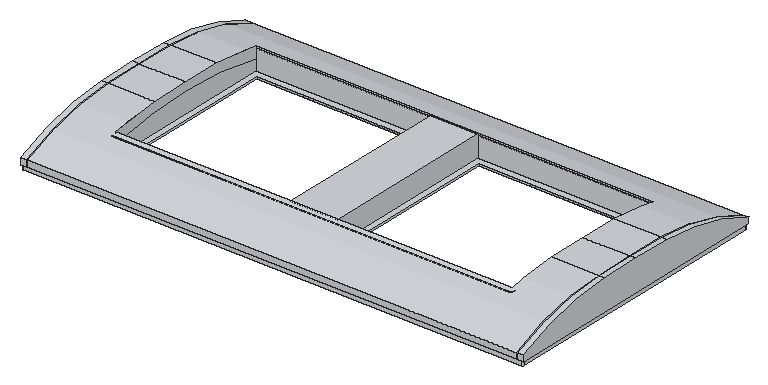
Revit family "Gira_0212738", category Electrical Fixtures, host Face, Revit 2017
Family settings
  Host = Face
  Maintain Annotation Orientation = No
  Round Connector Dimension = Use Diameter
  Part Type = Normal
  Cut with Voids When Loaded = No
  Shared = No
  Room Calculation Point = No
Parameters (values of type "Abdeckrahmen 2f Zwischenr. AN Gira Event Klar Schwarz")
  Werkstoffgüte = "Thermoplast"
  Werkstoff = "Kunststoff"
  URL = "http://katalog.gira.de/de_DE/datenblatt.html?artikelnr=0212738"
  Transparent = "No"
  Textfeld/Beschriftungsfläche = "No"
  Schutzart (IP) = "IP20"
  Region = "DE"
  Oberfläche = "sonstige"
  Name = "Abdeckrahmen 2f Zwischenr. AN Gira Event Klar Schwarz"
  Montagerichtung = "horizontal und vertikal"
  Mit Montagerahmen = "No"
  Mit Klappdeckel = "No"
  Manufacturer URL = "https://www.gira.de/"
  Keynote = "Event_Rahmen_2fach"
  HeinzeBIM = "https://bimportal.heinze.de/bim/abdeckrahmen-2f-zwischenr-an-gira-event-klar-schwarz/f1a78c52d405c4365b9ca6b942b24290dbd9e245"
  Halogenfrei = "Yes"
  HAN = "0212738"
  Geeignet für Unterputz-Installation = "Yes"
  Geeignet für Unterflurkanaldose = "No"
  Geeignet für Geräteeinbaukanal = "No"
  Geeignet für Einbauinstallation = "No"
  GTIN = "4010337068914"
  Farbe = "schwarz"
  Default Elevation = 1219.2 mm
  Data sheet (1) = "https://katalog.gira.de/de_DE/download.html?artikelnr=0212738"
  Category = "Abdeckrahmen"
  Befestigungsart = "Klemmbefestigung"
  Available = "Yes"
  Ausführung der Oberfläche = "glänzend"
  Anzahl der Einheiten vertikal = "2 "
  Anzahl der Einheiten horizontal = "2 "
  Anzahl der Einheiten = "2 "
Reference planes
  plane 1 "Center (Front/Back)": y = 0
  plane 2: z = 0
  plane 3 "Center (Left/Right)": x = 0
Forms (mm)
  Extrusion 1, solid, detail levels fine
    sketch origin (0, 0, 0.05) x (0, 1, 0) y (0, 0, 1)
      loop
        arc (12.445, 9.683) -> (6.223, 9.833) -> (0, 9.85) r 291.636
        arc (0, 9.85) -> (-6.223, 9.833) -> (-12.445, 9.683) r 291.636
        arc (-12.445, 9.683) -> (-29.14, 7.482) -> (-45, 1.823) r 79.728
        line (-45, 1.823) -> (-45, -0.05) -> (-42.086, -0.05)
        arc (-42.086, -0.05) -> (-21.385, 5.559) -> (0, 7.206) r 114.424
        arc (0, 7.206) -> (21.385, 5.559) -> (42.086, -0.05) r 114.424
        line (42.086, -0.05) -> (45, -0.05) -> (45, 1.823)
        arc (45, 1.823) -> (29.14, 7.482) -> (12.445, 9.683) r 79.728
    from -78.55 to 78.55
  Extrusion 2, void, detail levels fine
    sketch origin (0, 0, 0) x (1, 0, 0) y (0, 1, 0)
      loop
        line (-63.55, -27.937) -> (63.55, -27.937) -> (63.55, 28.063) -> (-63.55, 28.063) -> (-63.55, -27.937)
    from 0.724 to 11
  Extrusion 3, solid, detail levels coarse
    sketch origin (0, 0, 0) x (1, 0, 0) y (0, 1, 0)
      loop
        line (-80.55, 45) -> (-80.55, -45) -> (80.55, -45) -> (80.55, 45) -> (-80.55, 45)
    from -1.5 to 9.9
  Extrusion 4, solid, detail levels medium
    sketch origin (0, 0, 0.05) x (0, 1, 0) y (0, 0, 1)
      loop
        arc (12.445, 9.683) -> (6.223, 9.833) -> (0, 9.85) r 291.636
        arc (0, 9.85) -> (-6.223, 9.833) -> (-12.445, 9.683) r 291.636
        arc (-12.445, 9.683) -> (-29.14, 7.482) -> (-45, 1.823) r 79.728
        line (-45, 1.823) -> (-45, -0.05) -> (45, -0.05) -> (45, 1.823)
        arc (45, 1.823) -> (29.14, 7.482) -> (12.445, 9.683) r 79.728
    from -80.55 to 80.55
  Extrusion 5, solid, detail levels fine
    sketch origin (-35.55, 0, -1.5) x (0, 1, 0) y (0, 0, -1)
      loop
        line (45, -3.373) -> (45, -1.5) -> (-45, -1.5) -> (-45, -3.373)
        arc (-45, -3.373) -> (-29.14, -9.032) -> (-12.445, -11.233) r 79.728
        arc (-12.445, -11.233) -> (-6.223, -11.383) -> (0, -11.4) r 291.636
        arc (0, -11.4) -> (6.223, -11.383) -> (12.445, -11.233) r 291.636
        arc (12.445, -11.233) -> (29.14, -9.032) -> (45, -3.373) r 79.728
    from 43 to 45
  Extrusion 6, solid, detail levels fine
    sketch origin (0, 0, 0) x (1, 0, 0) y (0, 1, 0)
      loop
        line (-61.45, 25.7) -> (-61.45, -25.7) -> (-9.65, -25.7) -> (-9.65, 25.7) -> (-61.45, 25.7)
      loop
        line (61.45, -25.7) -> (61.45, 25.7) -> (9.65, 25.7) -> (9.65, -25.7) -> (61.45, -25.7)
      loop
        line (-64.445, 28.49) -> (-64.445, -28.495)
        spline (-64.445, -28.495) -> (-64.436, -28.625) -> (-64.411, -28.754) -> (-64.369, -28.878) -> (-64.311, -28.995) -> (-64.238, -29.104) -> (-64.152, -29.202) -> (-64.054, -29.288) -> (-63.945, -29.361) -> (-63.828, -29.419) -> (-63.704, -29.461) -> (-63.575, -29.486) -> (-63.445, -29.495)
        line (-63.445, -29.495) -> (63.445, -29.495)
        spline (63.445, -29.495) -> (63.575, -29.486) -> (63.704, -29.461) -> (63.828, -29.419) -> (63.945, -29.361) -> (64.054, -29.288) -> (64.152, -29.202) -> (64.238, -29.104) -> (64.311, -28.995) -> (64.369, -28.878) -> (64.411, -28.754) -> (64.436, -28.625) -> (64.445, -28.495)
        line (64.445, -28.495) -> (64.445, 28.49)
        spline (64.445, 28.49) -> (64.436, 28.62) -> (64.411, 28.748) -> (64.369, 28.872) -> (64.311, 28.99) -> (64.238, 29.098) -> (64.152, 29.197) -> (64.054, 29.283) -> (63.945, 29.356) -> (63.828, 29.413) -> (63.704, 29.456) -> (63.575, 29.481) -> (63.445, 29.49)
        line (63.445, 29.49) -> (-63.445, 29.49)
        spline (-63.445, 29.49) -> (-63.575, 29.481) -> (-63.704, 29.456) -> (-63.828, 29.413) -> (-63.945, 29.356) -> (-64.054, 29.283) -> (-64.152, 29.197) -> (-64.238, 29.098) -> (-64.311, 28.99) -> (-64.369, 28.872) -> (-64.411, 28.748) -> (-64.436, 28.62) -> (-64.445, 28.49)
    from 0.1 to 7.3
  Extrusion 7, solid
    sketch origin (0, 0, 0) x (1, 0, 0) y (0, 1, 0)
      loop
        arc (-80.25, -44.2) -> (-80.104, -44.554) -> (-79.75, -44.7) r 0.5
        line (-79.75, -44.7) -> (79.75, -44.7)
        arc (79.75, -44.7) -> (80.104, -44.554) -> (80.25, -44.2) r 0.5
        line (80.25, -44.2) -> (80.25, 44.2)
        arc (80.25, 44.2) -> (80.104, 44.554) -> (79.75, 44.7) r 0.5
        line (79.75, 44.7) -> (-79.75, 44.7)
        arc (-79.75, 44.7) -> (-80.104, 44.554) -> (-80.25, 44.2) r 0.5
        line (-80.25, 44.2) -> (-80.25, -44.2)
      loop
        line (-78.55, 43) -> (-78.55, -43) -> (78.55, -43) -> (78.55, 43) -> (-78.55, 43)
    from -1.5 to 0.5
  Extrusion 8, solid, detail levels fine
    sketch origin (35.55, 0, -1.5) x (0, 1, 0) y (0, 0, 1)
      loop
        arc (45, 3.373) -> (29.14, 9.032) -> (12.445, 11.233) r 79.728
        arc (12.445, 11.233) -> (6.223, 11.383) -> (0, 11.4) r 291.636
        arc (0, 11.4) -> (-6.223, 11.383) -> (-12.445, 11.233) r 291.636
        arc (-12.445, 11.233) -> (-29.14, 9.032) -> (-45, 3.373) r 79.728
        line (-45, 3.373) -> (-45, 1.5) -> (45, 1.5) -> (45, 3.373)
    from 43 to 45
  Extrusion 9, solid, detail levels medium
    sketch origin (0, 0, 0) x (1, 0, 0) y (0, 1, 0)
      loop
        line (-80.25, -44.7) -> (80.25, -44.7) -> (80.25, 44.7) -> (-80.25, 44.7) -> (-80.25, -44.7)
    from -1.5 to 0.5
  Extrusion 10, solid, detail levels fine
    sketch origin (0, 0, 0) x (1, 0, 0) y (0, 1, 0)
      loop
        line (-7.55, 28.063) -> (-7.55, -27.937) -> (7.55, -27.937) -> (7.55, 28.063) -> (-7.55, 28.063)
    from 0.724 to 7.566
Cuts and joins
  Extrusion 2 cuts Extrusion 1
  Extrusion 2 cuts Extrusion 6
Dimensions and locks
  aligned and locked: plane 2 to host face
  aligned and locked: level to host face
